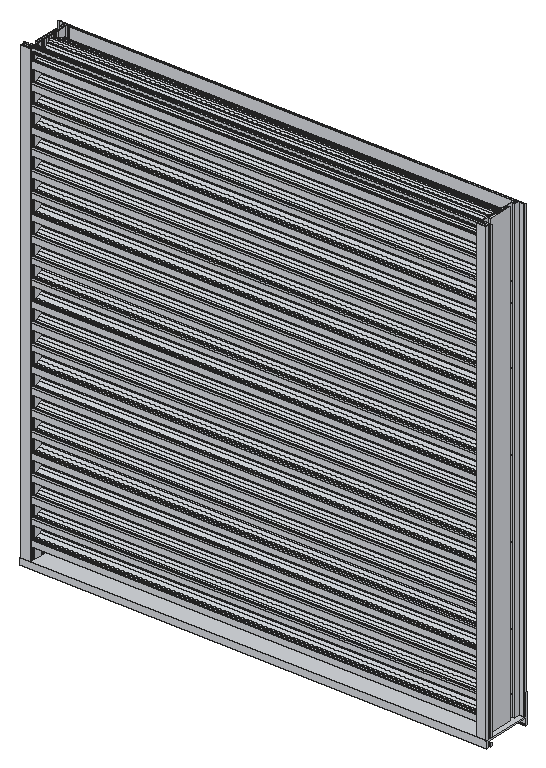
Revit family "DCSED-5.1", category Mechanical Equipment, Revit 2015
Parameters
  URL = "http://unitedenertech.com/catalog/pdf/A_23%20DCSED-5.1.pdf"
  Type Comments = "Max. Single Section Size is (72\"w x 120\"h up to 60psf) and (72\"w x 84\"h up to 150 psf)"
  Model = "DCSED-5.1"
  Manufacturer = "United Enertech Corporation"
  Exact Width = 4' - 0"
  Exact Height = 4' - 0"
  Description = "5\" Deep Wind Driven Rain Hurricane Louver"
  Depth = 0' - 5 3/32"
  Blade Spacing = 0' - 2"
  Blade Number [instance] = rounddown((Exact Height - 0' 2 7/16") / 0' 2")  # 22
  BW [instance] = Exact Width - 0' 2 1/8"  # 3' - 9 7/8"
Reference planes (in)
  plane 1 "Center (Front/Back)": y = 0
  plane 2: z = 0
  plane 3 "Center (Left/Right)": x = 0
  plane 4: x = -24
  plane 5: x = 24
  plane 6: z = 48
  plane 7: x = -22.9375
  plane 8: x = 22.9375
  plane 9: z = 0.75
  plane 10: y = 5.09375
  plane 11: z = 46.3209
Forms (in)
  Extrusion 1, solid
    sketch origin (-6.10759, 42.81218, 0) x (0, 1, 0) y (-1, 0, 0)
      loop
        line (-42.73018, 16.79991) -> (-42.73018, 17.54241) -> (-42.48018, 17.54241) -> (-42.48018, 16.82996) -> (-42.41736, 16.82996) -> (-42.41736, 17.15416) -> (-42.24218, 17.15416) -> (-42.24218, 16.82991) -> (-41.47643, 16.82991) -> (-41.47643, 17.15405) -> (-41.32043, 17.15405) -> (-41.32043, 16.82976) -> (-41.25793, 16.82976) -> (-41.25793, 17.15405) -> (-41.10193, 17.15405) -> (-41.10193, 16.82976) -> (-41.03943, 16.82976) -> (-41.03943, 17.15405) -> (-40.88343, 17.15405) -> (-40.88343, 16.82976) -> (-40.82093, 16.82976) -> (-40.82093, 17.15405) -> (-40.66493, 17.15405) -> (-40.66493, 16.82976) -> (-40.60243, 16.82976) -> (-40.60243, 17.15405) -> (-40.44643, 17.15405) -> (-40.44643, 16.82976) -> (-40.38393, 16.82976) -> (-40.38393, 17.15405) -> (-40.22793, 17.15405) -> (-40.22793, 16.82976) -> (-40.16543, 16.82976) -> (-40.16543, 17.15405) -> (-40.00943, 17.15405) -> (-40.00943, 16.82976) -> (-39.94693, 16.82976) -> (-39.94693, 17.15405) -> (-39.79093, 17.15405) -> (-39.79093, 16.82976) -> (-39.72843, 16.82976) -> (-39.72843, 17.15405) -> (-39.57243, 17.15405) -> (-39.57243, 16.82976) -> (-39.50993, 16.82976) -> (-39.50993, 17.15405) -> (-39.35393, 17.15405) -> (-39.35393, 16.82976) -> (-39.29143, 16.82976) -> (-39.29143, 17.15405) -> (-39.13543, 17.15405) -> (-39.13543, 16.82991) -> (-38.36968, 16.82991) -> (-38.36968, 17.15416) -> (-38.19449, 17.15416) -> (-38.19449, 16.82996) -> (-38.13168, 16.82996) -> (-38.13168, 17.15416) -> (-37.88918, 17.15416) -> (-37.88918, 16.79991) -> (-37.80718, 16.79991) -> (-37.80718, 17.89241) -> (-37.99468, 17.89241) -> (-37.99468, 17.81041) -> (-37.88918, 17.81041) -> (-37.88918, 17.23616) -> (-38.45168, 17.23616) -> (-38.45168, 16.9118) -> (-39.05343, 16.9118) -> (-39.05343, 17.23605) -> (-41.55843, 17.23605) -> (-41.55843, 16.91191) -> (-42.16018, 16.91191) -> (-42.16018, 17.23616) -> (-42.39818, 17.23616) -> (-42.39818, 17.54241) -> (-42.23018, 17.54241) -> (-42.23018, 17.86241) -> (-42.31218, 17.86241) -> (-42.31218, 17.79341) -> (-42.37318, 17.79341) -> (-42.37318, 17.71241) -> (-42.31218, 17.71241) -> (-42.31218, 17.62441) -> (-42.70918, 17.62441) -> (-42.70918, 17.71241) -> (-42.59618, 17.71241) -> (-42.59618, 17.79341) -> (-42.81218, 17.79341) -> (-42.81218, 16.79991) -> (-42.73018, 16.79991)
    from 0.75 to 48
  Extrusion 2, solid
    sketch origin (6.10759, 42.81218, 0) x (0, 1, 0) y (-1, 0, 0)
      loop
        line (-42.73018, -16.79991) -> (-42.81218, -16.79991) -> (-42.81218, -17.79341) -> (-42.59618, -17.79341) -> (-42.59618, -17.71241) -> (-42.70918, -17.71241) -> (-42.70918, -17.62441) -> (-42.31218, -17.62441) -> (-42.31218, -17.71241) -> (-42.37318, -17.71241) -> (-42.37318, -17.79341) -> (-42.31218, -17.79341) -> (-42.31218, -17.86241) -> (-42.23018, -17.86241) -> (-42.23018, -17.54241) -> (-42.39818, -17.54241) -> (-42.39818, -17.23616) -> (-42.16018, -17.23616) -> (-42.16018, -16.91191) -> (-41.55843, -16.91191) -> (-41.55843, -17.23605) -> (-39.05343, -17.23605) -> (-39.05343, -16.9118) -> (-38.45168, -16.9118) -> (-38.45168, -17.23616) -> (-37.88918, -17.23616) -> (-37.88918, -17.81041) -> (-37.99468, -17.81041) -> (-37.99468, -17.89241) -> (-37.80718, -17.89241) -> (-37.80718, -16.79991) -> (-37.88918, -16.79991) -> (-37.88918, -17.15416) -> (-38.13168, -17.15416) -> (-38.13168, -16.82996) -> (-38.19449, -16.82996) -> (-38.19449, -17.15416) -> (-38.36968, -17.15416) -> (-38.36968, -16.82991) -> (-39.13543, -16.82991) -> (-39.13543, -17.15405) -> (-39.29143, -17.15405) -> (-39.29143, -16.82976) -> (-39.35393, -16.82976) -> (-39.35393, -17.15405) -> (-39.50993, -17.15405) -> (-39.50993, -16.82976) -> (-39.57243, -16.82976) -> (-39.57243, -17.15405) -> (-39.72843, -17.15405) -> (-39.72843, -16.82976) -> (-39.79093, -16.82976) -> (-39.79093, -17.15405) -> (-39.94693, -17.15405) -> (-39.94693, -16.82976) -> (-40.00943, -16.82976) -> (-40.00943, -17.15405) -> (-40.16543, -17.15405) -> (-40.16543, -16.82976) -> (-40.22793, -16.82976) -> (-40.22793, -17.15405) -> (-40.38393, -17.15405) -> (-40.38393, -16.82976) -> (-40.44643, -16.82976) -> (-40.44643, -17.15405) -> (-40.60243, -17.15405) -> (-40.60243, -16.82976) -> (-40.66493, -16.82976) -> (-40.66493, -17.15405) -> (-40.82093, -17.15405) -> (-40.82093, -16.82976) -> (-40.88343, -16.82976) -> (-40.88343, -17.15405) -> (-41.03943, -17.15405) -> (-41.03943, -16.82976) -> (-41.10193, -16.82976) -> (-41.10193, -17.15405) -> (-41.25793, -17.15405) -> (-41.25793, -16.82976) -> (-41.32043, -16.82976) -> (-41.32043, -17.15405) -> (-41.47643, -17.15405) -> (-41.47643, -16.82991) -> (-42.24218, -16.82991) -> (-42.24218, -17.15416) -> (-42.41736, -17.15416) -> (-42.41736, -16.82996) -> (-42.48018, -16.82996) -> (-42.48018, -17.54241) -> (-42.73018, -17.54241) -> (-42.73018, -16.79991)
    from 0.75 to 48
  Extrusion 3, solid
    sketch origin (-26.58389, 42.58326, -5.10848) x (0, 1, 0) y (0, 0, 1)
      loop
        line (-37.48951, 8.10848) -> (-37.57151, 8.10848) -> (-37.57151, 5.85848) -> (-42.58326, 5.85848) -> (-42.58326, 5.17748) -> (-42.36726, 5.17748) -> (-42.36726, 5.25848) -> (-42.48026, 5.25848) -> (-42.48026, 5.34648) -> (-42.08326, 5.34648) -> (-42.08326, 5.25848) -> (-42.14426, 5.25848) -> (-42.14426, 5.17748) -> (-42.08326, 5.17748) -> (-42.08326, 5.10848) -> (-42.00126, 5.10848) -> (-42.00126, 5.42848) -> (-42.50126, 5.42848) -> (-42.50126, 5.77648) -> (-37.57151, 5.77648) -> (-37.57151, 5.19048) -> (-37.67701, 5.19048) -> (-37.67701, 5.10848) -> (-37.48951, 5.10848) -> (-37.48951, 8.10848)
    from 2.58389 to 50.58389
  Extrusion 4, solid
    sketch origin (0, -13.03373, 11.15188) x (0, 1, 0) y (0, 0, 1)
      loop
        line (18.04373, 36.84812) -> (17.85623, 36.84812) -> (17.85623, 36.76612) -> (17.96173, 36.76612) -> (17.96173, 35.47325) -> (17.77373, 35.47325) -> (17.28829, 35.75352) -> (17.32598, 35.84449) -> (17.31816, 35.93867) -> (17.26214, 36.00955) -> (17.19338, 36.03718) -> (17.09685, 36.02726) -> (16.90034, 36.18916) -> (16.41745, 36.34694) -> (16.33346, 36.42566) -> (16.21476, 36.52271) -> (16.07706, 36.59693) -> (15.95515, 36.63717) -> (15.83232, 36.65736) -> (15.72266, 36.65736) -> (15.60371, 36.64471) -> (15.4419, 36.59444) -> (15.26243, 36.48818) -> (15.15395, 36.38606) -> (15.03667, 36.25948) -> (14.84451, 36.09187) -> (14.62609, 35.94632) -> (14.56692, 35.92725) -> (14.53085, 35.93806) -> (14.45628, 35.98636) -> (14.31943, 36.05146) -> (14.18483, 36.09021) -> (14.04052, 36.10764) -> (13.86091, 36.10909) -> (13.69791, 36.14893) -> (13.52458, 36.24785) -> (13.39263, 36.38824) -> (13.31585, 36.52721) -> (13.80323, 36.52721) -> (13.80323, 36.84812) -> (13.72123, 36.84812) -> (13.72123, 36.77912) -> (13.66023, 36.77912) -> (13.66023, 36.69812) -> (13.72123, 36.69812) -> (13.72123, 36.61012) -> (13.32423, 36.61012) -> (13.32423, 36.69812) -> (13.43723, 36.69812) -> (13.43723, 36.77912) -> (13.22123, 36.77912) -> (13.22274, 36.55749) -> (13.26662, 36.44391) -> (13.35293, 36.30588) -> (13.47394, 36.18487) -> (13.62086, 36.09374) -> (13.79539, 36.03718) -> (13.95094, 36.02408) -> (14.12475, 36.01858) -> (14.30814, 35.96896) -> (14.43077, 35.90522) -> (14.4574, 35.8591) -> (14.24043, 35.77558) -> (14.05378, 35.70179) -> (13.85981, 35.60044) -> (13.67722, 35.47787) -> (13.51638, 35.34274) -> (13.36799, 35.18846) -> (13.30323, 35.11064) -> (13.30323, 35.64958) -> (13.32536, 35.68828) -> (13.35306, 35.71598) -> (13.30144, 35.7676) -> (13.25438, 35.73327) -> (13.22445, 35.68945) -> (13.22123, 35.57979) -> (13.22123, 34.86262) -> (13.42117, 35.12451) -> (13.59406, 35.2974) -> (13.77486, 35.44764) -> (13.92166, 35.54165) -> (14.0716, 35.61913) -> (14.24521, 35.69049) -> (14.60078, 35.83874) -> (14.85128, 35.99466) -> (15.07703, 36.18422) -> (15.29772, 36.41136) -> (15.51284, 36.53438) -> (15.68029, 36.57374) -> (15.82472, 36.57374) -> (16.0149, 36.53332) -> (16.1814, 36.44617) -> (16.30258, 36.33942) -> (16.36963, 36.27237) -> (16.85685, 36.11691) -> (17.10123, 35.91624) -> (17.15415, 35.95536) -> (17.2276, 35.93124) -> (17.24552, 35.86049) -> (17.21227, 35.81355) -> (17.16249, 35.78481) -> (17.19159, 35.71467) -> (17.75249, 35.39083) -> (17.96173, 35.39083) -> (17.96173, 35.069) -> (17.61878, 35.1609) -> (17.59731, 35.08077) -> (18.04373, 34.96115) -> (18.04373, 36.84812)
    from -22.9375 to 22.9375
Dimensions and locks (in)
  equal spacing: plane 4, plane 3 "Center (Left/Right)", plane 5
  "Exact Width": plane 4 to plane 5
  "Exact Height": plane 6 to level
  locked: plane 4 to plane 7 at 1.0625
  locked: plane 8 to plane 5 at 1.0625
  locked: plane 9 to level at 0.75
  "Depth": plane 1 "Center (Front/Back)" to plane 10
  locked: plane 6 to plane 11 at 1.6791
  equal spacing: group 1, group 2, group 3, group 4, group 5, group 6, group 7, group 8, group 9, group 10, group 11, group 12, group 13, group 14, group 15, group 16, group 17, group 18, group 19, group 20, group 21, group 22  (x2)
  equal spacing: group 22, group 21, group 20, group 19, group 18, group 17, group 16, group 15, group 14, group 13, group 12, group 11, group 10, group 9, group 8, group 7, group 6, group 5, group 4, group 3, group 2, group 1
  "Blade Spacing": nested 1 to nested 2
  aligned and locked: level to plane 2
  aligned and locked: Extrusion 1 to plane 9
  aligned and locked: Extrusion 2 to plane 9
  aligned and locked: plane 5 to Extrusion 3
  aligned and locked: plane 4 to Extrusion 3
  aligned and locked: plane 6 to Extrusion 4
  aligned and locked: Extrusion 4 to plane 7
  aligned and locked: plane 8 to Extrusion 4
  aligned and locked: plane 6 to Extrusion 1
  aligned and locked: plane 6 to Extrusion 2
  aligned and locked: plane 3 "Center (Left/Right)" to nested 1
  aligned and locked: plane 11 to nested 1
  aligned and locked: nested 2 to nested 1
Automatic sketch dimensions
  plane 1 "Center (Front/Back)" to Extrusion 1 sketch curve = 0' - 0"
  Extrusion 1 sketch curve to plane 4 = 0' - 0"
  Extrusion 1 sketch curve to plane 1 "Center (Front/Back)" = 0' - 0.082"
  Extrusion 1 sketch curve to Extrusion 1 sketch curve = 0' - 0.021"
  Extrusion 1 sketch curve to Extrusion 1 sketch curve = 0' - 0.113"
  Extrusion 1 sketch curve to Extrusion 1 sketch curve = 0' - 0.116"
  Extrusion 1 sketch curve to Extrusion 1 sketch curve = 0' - 0.06281"  (x2)
  Extrusion 1 sketch curve to Extrusion 1 sketch curve = 0' - 0.082"  (x14)
  Extrusion 1 sketch curve to plane 4 = 0' - 0.099"  (x2)
  Extrusion 1 sketch curve to Extrusion 1 sketch curve = 0' - 0.223"
  Extrusion 1 sketch curve to plane 4 = 0' - 0.03"
  Extrusion 1 sketch curve to Extrusion 1 sketch curve = 0' - 0.061"  (x2)
  Extrusion 1 sketch curve to Extrusion 1 sketch curve = 0' - 0.17519"  (x2)
  Extrusion 1 sketch curve to Extrusion 1 sketch curve = 0' - 0.60175"  (x2)
  Extrusion 1 sketch curve to Extrusion 1 sketch curve = 0' - 0.156"  (x11)
  Extrusion 1 sketch curve to Extrusion 1 sketch curve = 0' - 0 1/16"  (x10)
  Extrusion 1 sketch curve to plane 4 = 0' - 0.082"
  Extrusion 1 sketch curve to Extrusion 1 sketch curve = 0' - 0.137"
  Extrusion 1 sketch curve to Extrusion 1 sketch curve = 0' - 0.2425"
  Extrusion 1 sketch curve to Extrusion 1 sketch curve = 0' - 0"  (x19)
  Extrusion 1 sketch curve to Extrusion 1 sketch curve = 0' - 0.081"  (x2)
  Extrusion 1 sketch curve to Extrusion 1 sketch curve = 0' - 0.088"
  Extrusion 1 sketch curve to Extrusion 1 sketch curve = 0' - 0.30625"
  Extrusion 1 sketch curve to plane 4 = 0' - 0 21/32"
  Extrusion 1 sketch curve to Extrusion 1 sketch curve = 0' - 0.00012"
  Extrusion 1 sketch curve to Extrusion 1 sketch curve = 0' - 0.24225"
  Extrusion 1 sketch curve to Extrusion 1 sketch curve = 0' - 0.24237"
  Extrusion 1 sketch curve to Extrusion 1 sketch curve = 0' - 0 83/256"
  Extrusion 1 sketch curve to Extrusion 1 sketch curve = 0' - 0.08195"
  Extrusion 1 sketch curve to Extrusion 1 sketch curve = 0' - 0.08188"
  Extrusion 1 sketch curve to Extrusion 1 sketch curve = 0' - 0.32429"
  Extrusion 1 sketch curve to Extrusion 1 sketch curve = 0' - 0.00016"
  Extrusion 1 sketch curve to Extrusion 1 sketch curve = 0' - 0.03005"  (x2)
  plane 1 "Center (Front/Back)" to Extrusion 2 sketch curve = 0' - 0"
  Extrusion 2 sketch curve to plane 5 = 0' - 0"
  plane 1 "Center (Front/Back)" to Extrusion 2 sketch curve = 0' - 0.082"
  Extrusion 2 sketch curve to Extrusion 2 sketch curve = 0' - 0.021"
  Extrusion 2 sketch curve to Extrusion 2 sketch curve = 0' - 0.113"
  Extrusion 2 sketch curve to Extrusion 2 sketch curve = 0' - 0.116"
  Extrusion 2 sketch curve to Extrusion 2 sketch curve = 0' - 0.06281"  (x2)
  Extrusion 2 sketch curve to Extrusion 2 sketch curve = 0' - 0.082"  (x14)
  plane 5 to Extrusion 2 sketch curve = 0' - 0.099"  (x2)
  Extrusion 2 sketch curve to Extrusion 2 sketch curve = 0' - 0.223"
  plane 5 to Extrusion 2 sketch curve = 0' - 0.03"
  Extrusion 2 sketch curve to Extrusion 2 sketch curve = 0' - 0.061"  (x2)
  Extrusion 2 sketch curve to Extrusion 2 sketch curve = 0' - 0.17519"  (x2)
  Extrusion 2 sketch curve to Extrusion 2 sketch curve = 0' - 0.60175"  (x2)
  Extrusion 2 sketch curve to Extrusion 2 sketch curve = 0' - 0.156"  (x11)
  Extrusion 2 sketch curve to Extrusion 2 sketch curve = 0' - 0 1/16"  (x10)
  plane 5 to Extrusion 2 sketch curve = 0' - 0.082"
  Extrusion 2 sketch curve to Extrusion 2 sketch curve = 0' - 0.137"
  Extrusion 2 sketch curve to Extrusion 2 sketch curve = 0' - 0.2425"
  Extrusion 2 sketch curve to Extrusion 2 sketch curve = 0' - 0"  (x19)
  Extrusion 2 sketch curve to Extrusion 2 sketch curve = 0' - 0.081"  (x2)
  Extrusion 2 sketch curve to Extrusion 2 sketch curve = 0' - 0.088"
  Extrusion 2 sketch curve to Extrusion 2 sketch curve = 0' - 0.30625"
  plane 5 to Extrusion 2 sketch curve = 0' - 0 21/32"
  Extrusion 2 sketch curve to Extrusion 2 sketch curve = 0' - 0.00012"
  Extrusion 2 sketch curve to Extrusion 2 sketch curve = 0' - 0.24225"
  Extrusion 2 sketch curve to Extrusion 2 sketch curve = 0' - 0.24237"
  Extrusion 2 sketch curve to Extrusion 2 sketch curve = 0' - 0 83/256"
  Extrusion 2 sketch curve to Extrusion 2 sketch curve = 0' - 0.08195"
  Extrusion 2 sketch curve to Extrusion 2 sketch curve = 0' - 0.08188"
  Extrusion 2 sketch curve to Extrusion 2 sketch curve = 0' - 0.32429"
  Extrusion 2 sketch curve to Extrusion 2 sketch curve = 0' - 0.00016"
  Extrusion 2 sketch curve to Extrusion 2 sketch curve = 0' - 0.03005"  (x2)
  Extrusion 3 sketch curve to plane 1 "Center (Front/Back)" = 0' - 0"
  Extrusion 3 sketch curve to Extrusion 3 sketch curve = 0' - 0.082"  (x6)
  Extrusion 3 sketch curve to Extrusion 3 sketch curve = 0' - 0.021"
  Extrusion 3 sketch curve to Extrusion 3 sketch curve = 0' - 0.113"
  Extrusion 3 sketch curve to Extrusion 3 sketch curve = 0' - 0.223"
  Extrusion 3 sketch curve to Extrusion 3 sketch curve = 0' - 0.061"  (x2)
  Extrusion 3 sketch curve to Extrusion 3 sketch curve = 0' - 4.32425"
  Extrusion 3 sketch curve to Extrusion 3 sketch curve = 0' - 0.1055"
  Extrusion 3 sketch curve to Extrusion 3 sketch curve = 0' - 0"  (x2)
  level to Extrusion 3 sketch curve = 0' - 0"  (x2)
  Extrusion 3 sketch curve to Extrusion 3 sketch curve = 0' - 0.069"
  Extrusion 3 sketch curve to Extrusion 3 sketch curve = 0' - 0.081"  (x2)
  Extrusion 3 sketch curve to Extrusion 3 sketch curve = 0' - 0.088"
  Extrusion 3 sketch curve to Extrusion 3 sketch curve = 0' - 0.586"
  Extrusion 3 sketch curve to Extrusion 3 sketch curve = 0' - 2 1/4"
  Extrusion 4 sketch curve to plane 1 "Center (Front/Back)" = 0' - 0 3/16"
  Extrusion 4 sketch curve to Extrusion 4 sketch curve = 0' - 0"  (x2)
  Extrusion 4 sketch curve to Extrusion 4 sketch curve = 0' - 0.00151"
  Extrusion 4 sketch curve to Extrusion 4 sketch curve = 0' - 0.00322"
  Extrusion 4 sketch curve to Extrusion 4 sketch curve = 0' - 0.02993"
  Extrusion 4 sketch curve to Extrusion 4 sketch curve = 0' - 0.04388"
  Extrusion 4 sketch curve to Extrusion 4 sketch curve = 0' - 0.04706"
  Extrusion 4 sketch curve to Extrusion 4 sketch curve = 0' - 0.07878"
  Extrusion 4 sketch curve to Extrusion 4 sketch curve = 0' - 0.04923"
  Extrusion 4 sketch curve to Extrusion 4 sketch curve = 0' - 0.00838"
  Extrusion 4 sketch curve to Extrusion 4 sketch curve = 0' - 0.02213"
  Extrusion 4 sketch curve to Extrusion 4 sketch curve = 0' - 0.0277"  (x2)
  Extrusion 4 sketch curve to Extrusion 4 sketch curve = 0' - 0.06476"
  Extrusion 4 sketch curve to Extrusion 4 sketch curve = 0' - 0.12601"
  Extrusion 4 sketch curve to Extrusion 4 sketch curve = 0' - 0.05318"
  Extrusion 4 sketch curve to Extrusion 4 sketch curve = 0' - 0.113"
  Extrusion 4 sketch curve to Extrusion 4 sketch curve = 0' - 0.14839"
  Extrusion 4 sketch curve to Extrusion 4 sketch curve = 0' - 0.13195"
  Extrusion 4 sketch curve to Extrusion 4 sketch curve = 0' - 0.07768"
  Extrusion 4 sketch curve to Extrusion 4 sketch curve = 0' - 0.09628"
  Extrusion 4 sketch curve to Extrusion 4 sketch curve = 0' - 0.223"
  Extrusion 4 sketch curve to Extrusion 4 sketch curve = 0' - 0.08317"
  Extrusion 4 sketch curve to Extrusion 4 sketch curve = 0' - 0.07705"
  Extrusion 4 sketch curve to Extrusion 4 sketch curve = 0' - 0.061"  (x2)
  Extrusion 4 sketch curve to Extrusion 4 sketch curve = 0' - 0 25/256"
  Extrusion 4 sketch curve to Extrusion 4 sketch curve = 0' - 0.09748"
  Extrusion 4 sketch curve to Extrusion 4 sketch curve = 0' - 0.082"  (x3)
  Extrusion 4 sketch curve to Extrusion 4 sketch curve = 0' - 0.08495"
  Extrusion 4 sketch curve to Extrusion 4 sketch curve = 0' - 0.06552"
  Extrusion 4 sketch curve to Extrusion 4 sketch curve = 0' - 0.06185"
  Extrusion 4 sketch curve to Extrusion 4 sketch curve = 0' - 0.09003"
  Extrusion 4 sketch curve to Extrusion 4 sketch curve = 0' - 0.08959"
  Extrusion 4 sketch curve to Extrusion 4 sketch curve = 0' - 0.13212"
  Extrusion 4 sketch curve to Extrusion 4 sketch curve = 0' - 0.01782"
  Extrusion 4 sketch curve to Extrusion 4 sketch curve = 0' - 0.08423"
  Extrusion 4 sketch curve to Extrusion 4 sketch curve = 0' - 0.06008"
  Extrusion 4 sketch curve to Extrusion 4 sketch curve = 0' - 0.18665"
  Extrusion 4 sketch curve to Extrusion 4 sketch curve = 0' - 0.00478"
  Extrusion 4 sketch curve to Extrusion 4 sketch curve = 0' - 0.12331"
  Extrusion 4 sketch curve to Extrusion 4 sketch curve = 0' - 0.01129"
  Extrusion 4 sketch curve to Extrusion 4 sketch curve = 0' - 0.12263"
  Extrusion 4 sketch curve to Extrusion 4 sketch curve = 0' - 0.02551"
  Extrusion 4 sketch curve to Extrusion 4 sketch curve = 0' - 0.02663"
  Extrusion 4 sketch curve to Extrusion 4 sketch curve = 0' - 0.07456"
  Extrusion 4 sketch curve to Extrusion 4 sketch curve = 0' - 0.03607"
  Extrusion 4 sketch curve to Extrusion 4 sketch curve = 0' - 0.03386"
  Extrusion 4 sketch curve to Extrusion 4 sketch curve = 0' - 0.05917"
  Extrusion 4 sketch curve to Extrusion 4 sketch curve = 0' - 0.21842"
  Extrusion 4 sketch curve to Extrusion 4 sketch curve = 0' - 0.00678"
  Extrusion 4 sketch curve to Extrusion 4 sketch curve = 0' - 0.19216"
  Extrusion 4 sketch curve to Extrusion 4 sketch curve = 0' - 0.04036"
  Extrusion 4 sketch curve to Extrusion 4 sketch curve = 0' - 0.11728"
  Extrusion 4 sketch curve to Extrusion 4 sketch curve = 0' - 0.10848"
  Extrusion 4 sketch curve to Extrusion 4 sketch curve = 0' - 0.03529"
  Extrusion 4 sketch curve to Extrusion 4 sketch curve = 0' - 0.17947"
  Extrusion 4 sketch curve to Extrusion 4 sketch curve = 0' - 0.07094"
  Extrusion 4 sketch curve to Extrusion 4 sketch curve = 0' - 0.09086"
  Extrusion 4 sketch curve to Extrusion 4 sketch curve = 0' - 0.07658"
  Extrusion 4 sketch curve to Extrusion 4 sketch curve = 0' - 0.04238"
  Extrusion 4 sketch curve to Extrusion 4 sketch curve = 0' - 0.10206"
  Extrusion 4 sketch curve to Extrusion 4 sketch curve = 0' - 0.0076"
  Extrusion 4 sketch curve to Extrusion 4 sketch curve = 0' - 0.12283"
  Extrusion 4 sketch curve to Extrusion 4 sketch curve = 0' - 0.05975"
  Extrusion 4 sketch curve to Extrusion 4 sketch curve = 0' - 0.06216"
  Extrusion 4 sketch curve to Extrusion 4 sketch curve = 0' - 0.10434"
  Extrusion 4 sketch curve to Extrusion 4 sketch curve = 0' - 0.03336"
  Extrusion 4 sketch curve to Extrusion 4 sketch curve = 0' - 0.12118"
  Extrusion 4 sketch curve to Extrusion 4 sketch curve = 0' - 0.03088"
  Extrusion 4 sketch curve to Extrusion 4 sketch curve = 0' - 0.06705"  (x2)
  Extrusion 4 sketch curve to Extrusion 4 sketch curve = 0' - 0.04783"
  Extrusion 4 sketch curve to Extrusion 4 sketch curve = 0' - 0.4394"
  Extrusion 4 sketch curve to Extrusion 4 sketch curve = 0' - 0.04349"
  Extrusion 4 sketch curve to Extrusion 4 sketch curve = 0' - 0.19651"
  Extrusion 4 sketch curve to Extrusion 4 sketch curve = 0' - 0.00438"
  Extrusion 4 sketch curve to Extrusion 4 sketch curve = 0' - 0.05292"
  Extrusion 4 sketch curve to Extrusion 4 sketch curve = 0' - 0.06126"
  Extrusion 4 sketch curve to Extrusion 4 sketch curve = 0' - 0.0291"
  Extrusion 4 sketch curve to Extrusion 4 sketch curve = 0' - 0.03923"
  Extrusion 4 sketch curve to Extrusion 4 sketch curve = 0' - 0.04978"
  Extrusion 4 sketch curve to Extrusion 4 sketch curve = 0' - 0.07344"
  Extrusion 4 sketch curve to Extrusion 4 sketch curve = 0' - 0.03325"
  Extrusion 4 sketch curve to Extrusion 4 sketch curve = 0' - 0.06875"
  Extrusion 4 sketch curve to Extrusion 4 sketch curve = 0' - 0.07603"
  Extrusion 4 sketch curve to Extrusion 4 sketch curve = 0' - 0.05603"
  Extrusion 4 sketch curve to Extrusion 4 sketch curve = 0' - 0.08046"
  Extrusion 4 sketch curve to Extrusion 4 sketch curve = 0' - 0.30901"
  Extrusion 4 sketch curve to plane 6 = 0' - 1.68722"
  Extrusion 4 sketch curve to Extrusion 4 sketch curve = 0' - 0.02147"
  Extrusion 4 sketch curve to Extrusion 4 sketch curve = 0' - 0.13371"
  Extrusion 4 sketch curve to Extrusion 4 sketch curve = 0' - 0.02124"
  Extrusion 4 sketch curve to Extrusion 4 sketch curve = 0' - 0.59409"
  Extrusion 4 sketch curve to Extrusion 4 sketch curve = 0' - 0.188"
  Extrusion 4 sketch curve to Extrusion 4 sketch curve = 0' - 0.03639"
  Extrusion 4 sketch curve to Extrusion 4 sketch curve = 0' - 0.01387"
  Extrusion 4 sketch curve to Extrusion 4 sketch curve = 0' - 0.08013"
  Extrusion 4 sketch curve to Extrusion 4 sketch curve = 0' - 0.24802"
  Extrusion 4 sketch curve to Extrusion 4 sketch curve = 0' - 0.06395"
  Extrusion 4 sketch curve to Extrusion 4 sketch curve = 0' - 0.17289"
  Extrusion 4 sketch curve to Extrusion 4 sketch curve = 0' - 0.04534"
  Extrusion 4 sketch curve to Extrusion 4 sketch curve = 0' - 0.32183"
  Extrusion 4 sketch curve to Extrusion 4 sketch curve = 0' - 0.15024"
  Extrusion 4 sketch curve to Extrusion 4 sketch curve = 0' - 0.08242"
  Extrusion 4 sketch curve to Extrusion 4 sketch curve = 0' - 0.03023"
  Extrusion 4 sketch curve to Extrusion 4 sketch curve = 0' - 0.09401"
  Extrusion 4 sketch curve to Extrusion 4 sketch curve = 0' - 0.23705"
  Extrusion 4 sketch curve to Extrusion 4 sketch curve = 0' - 0.05879"
  Extrusion 4 sketch curve to Extrusion 4 sketch curve = 0' - 0.07748"
  Extrusion 4 sketch curve to Extrusion 4 sketch curve = 0' - 0.06979"
  Extrusion 4 sketch curve to Extrusion 4 sketch curve = 0' - 0.0387"
  Extrusion 4 sketch curve to Extrusion 4 sketch curve = 0' - 0.03986"
  Extrusion 4 sketch curve to Extrusion 4 sketch curve = 0' - 0.07136"
  Extrusion 4 sketch curve to Extrusion 4 sketch curve = 0' - 0.08266"
  Extrusion 4 sketch curve to Extrusion 4 sketch curve = 0' - 0.24142"
  Extrusion 4 sketch curve to Extrusion 4 sketch curve = 0' - 0.04382"
  Extrusion 4 sketch curve to Extrusion 4 sketch curve = 0' - 0.03885"
  Extrusion 4 sketch curve to Extrusion 4 sketch curve = 0' - 0.08509"
  Extrusion 4 sketch curve to Extrusion 4 sketch curve = 0' - 0.07014"
  Extrusion 4 sketch curve to Extrusion 4 sketch curve = 0' - 0.02874"
  Extrusion 4 sketch curve to Extrusion 4 sketch curve = 0' - 0.06316"
  Extrusion 4 sketch curve to Extrusion 4 sketch curve = 0' - 0.09097"
  Extrusion 4 sketch curve to Extrusion 4 sketch curve = 0' - 0.02036"
  Extrusion 4 sketch curve to Extrusion 4 sketch curve = 0' - 0.04693"
  Extrusion 4 sketch curve to Extrusion 4 sketch curve = 0' - 0.04612"
  Extrusion 4 sketch curve to Extrusion 4 sketch curve = 0' - 0.13143"
  Extrusion 4 sketch curve to Extrusion 4 sketch curve = 0' - 0.08851"
  Extrusion 4 sketch curve to Extrusion 4 sketch curve = 0' - 0.07075"
  Extrusion 4 sketch curve to Extrusion 4 sketch curve = 0' - 0.01081"
  Extrusion 4 sketch curve to Extrusion 4 sketch curve = 0' - 0.00743"
  Extrusion 4 sketch curve to Extrusion 4 sketch curve = 0' - 0.01908"
  Extrusion 4 sketch curve to Extrusion 4 sketch curve = 0' - 0.03912"
  Extrusion 4 sketch curve to Extrusion 4 sketch curve = 0' - 0.06374"
  Extrusion 4 sketch curve to Extrusion 4 sketch curve = 0' - 0.08114"
  Extrusion 4 sketch curve to Extrusion 4 sketch curve = 0' - 0.04833"
  Extrusion 4 sketch curve to Extrusion 4 sketch curve = 0' - 0.07832"
  Extrusion 4 sketch curve to Extrusion 4 sketch curve = 0' - 0.04962"
  Extrusion 4 sketch curve to Extrusion 4 sketch curve = 0' - 0.0055"
  Extrusion 4 sketch curve to Extrusion 4 sketch curve = 0' - 0.07189"
  Extrusion 4 sketch curve to Extrusion 4 sketch curve = 0' - 0.02762"
  Extrusion 4 sketch curve to Extrusion 4 sketch curve = 0' - 0.0131"
  Extrusion 4 sketch curve to Extrusion 4 sketch curve = 0' - 0.0825"
  Extrusion 4 sketch curve to Extrusion 4 sketch curve = 0' - 0.07164"
  Extrusion 4 sketch curve to Extrusion 4 sketch curve = 0' - 0.09722"
  Extrusion 4 sketch curve to Extrusion 4 sketch curve = 0' - 0.05656"
  Extrusion 4 sketch curve to Extrusion 4 sketch curve = 0' - 0.08356"
  Extrusion 4 sketch curve to Extrusion 4 sketch curve = 0' - 0.0719"
  Extrusion 4 sketch curve to Extrusion 4 sketch curve = 0' - 0.08965"
  Extrusion 4 sketch curve to Extrusion 4 sketch curve = 0' - 0.0552"
  Extrusion 4 sketch curve to Extrusion 4 sketch curve = 0' - 0.09235"
  Extrusion 4 sketch curve to Extrusion 4 sketch curve = 0' - 0.07225"
  Extrusion 4 sketch curve to Extrusion 4 sketch curve = 0' - 0.15411"
  Extrusion 4 sketch curve to Extrusion 4 sketch curve = 0' - 0.07526"
  Extrusion 4 sketch curve to Extrusion 4 sketch curve = 0' - 0.15546"
  Extrusion 4 sketch curve to Extrusion 4 sketch curve = 0' - 0.07457"
  Extrusion 4 sketch curve to Extrusion 4 sketch curve = 0' - 0.12658"
  Extrusion 4 sketch curve to Extrusion 4 sketch curve = 0' - 0.14039"
  Extrusion 4 sketch curve to Extrusion 4 sketch curve = 0' - 0.02529"
  Extrusion 4 sketch curve to Extrusion 4 sketch curve = 0' - 0.08624"
  Extrusion 4 sketch curve to Extrusion 4 sketch curve = 0' - 0.05567"
  Extrusion 4 sketch curve to Extrusion 4 sketch curve = 0' - 0.02051"
  Extrusion 4 sketch curve to Extrusion 4 sketch curve = 0' - 0.07682"
  Extrusion 4 sketch curve to Extrusion 4 sketch curve = 0' - 0.07654"
  Extrusion 4 sketch curve to Extrusion 4 sketch curve = 0' - 0.37827"
  Extrusion 4 sketch curve to Extrusion 4 sketch curve = 0' - 0.08715"
  Extrusion 4 sketch curve to Extrusion 4 sketch curve = 0' - 0.12303"
  Extrusion 4 sketch curve to Extrusion 4 sketch curve = 0' - 0.03028"
  Extrusion 4 sketch curve to Extrusion 4 sketch curve = 0' - 0.04042"
  Extrusion 4 sketch curve to Extrusion 4 sketch curve = 0' - 0.06005"
  Extrusion 4 sketch curve to Extrusion 4 sketch curve = 0' - 0.06361"
  Extrusion 4 sketch curve to Extrusion 4 sketch curve = 0' - 0.08291"
  Extrusion 4 sketch curve to Extrusion 4 sketch curve = 0' - 0.10385"
  Extrusion 4 sketch curve to Extrusion 4 sketch curve = 0' - 0.07097"
  Extrusion 4 sketch curve to Extrusion 4 sketch curve = 0' - 0.08362"
  Extrusion 4 sketch curve to Extrusion 4 sketch curve = 0' - 0.088"  (x2)
  Extrusion 4 sketch curve to Extrusion 4 sketch curve = 0' - 0.75657"
  Extrusion 4 sketch curve to Extrusion 4 sketch curve = 0' - 0.081"  (x2)
  Extrusion 4 sketch curve to Extrusion 4 sketch curve = 0' - 0.069"
  Extrusion 4 sketch curve to Extrusion 4 sketch curve = 0' - 0.0397"
  Extrusion 4 sketch curve to Extrusion 4 sketch curve = 0' - 0.05064"
  Extrusion 4 sketch curve to Extrusion 4 sketch curve = 0' - 0.06298"
  Extrusion 4 sketch curve to Extrusion 4 sketch curve = 0' - 0.08236"
Nested families (in)
  nested 1: "DC BLADE" at (0, 0.27409, 39.18024), type "DC BLADE"
    with Blade Width 3' - 9 7/8"
  nested 2: "DC BLADE" at (0, 0.27409, 37.18024), type "DC BLADE"
    with Blade Width 3' - 9 7/8"
  nested 3: "DC BLADE" at (0, 0.27409, 35.18024), type "DC BLADE"
    with Blade Width 3' - 9 7/8"
  nested 4: "DC BLADE" at (0, 0.27409, 33.18024), type "DC BLADE"
    with Blade Width 3' - 9 7/8"
  nested 5: "DC BLADE" at (0, 0.27409, 31.18024), type "DC BLADE"
    with Blade Width 3' - 9 7/8"
  nested 6: "DC BLADE" at (0, 0.27409, 29.18024), type "DC BLADE"
    with Blade Width 3' - 9 7/8"
  nested 7: "DC BLADE" at (0, 0.27409, 27.18024), type "DC BLADE"
    with Blade Width 3' - 9 7/8"
  nested 8: "DC BLADE" at (0, 0.27409, 25.18024), type "DC BLADE"
    with Blade Width 3' - 9 7/8"
  nested 9: "DC BLADE" at (0, 0.27409, 23.18024), type "DC BLADE"
    with Blade Width 3' - 9 7/8"
  nested 10: "DC BLADE" at (0, 0.27409, 21.18024), type "DC BLADE"
    with Blade Width 3' - 9 7/8"
  nested 11: "DC BLADE" at (0, 0.27409, 19.18024), type "DC BLADE"
    with Blade Width 3' - 9 7/8"
  nested 12: "DC BLADE" at (0, 0.27409, 17.18024), type "DC BLADE"
    with Blade Width 3' - 9 7/8"
  nested 13: "DC BLADE" at (0, 0.27409, 15.18024), type "DC BLADE"
    with Blade Width 3' - 9 7/8"
  nested 14: "DC BLADE" at (0, 0.27409, 13.18024), type "DC BLADE"
    with Blade Width 3' - 9 7/8"
  nested 15: "DC BLADE" at (0, 0.27409, 11.18024), type "DC BLADE"
    with Blade Width 3' - 9 7/8"
  nested 16: "DC BLADE" at (0, 0.27409, 9.18024), type "DC BLADE"
    with Blade Width 3' - 9 7/8"
  nested 17: "DC BLADE" at (0, 0.27409, 7.18024), type "DC BLADE"
    with Blade Width 3' - 9 7/8"
  nested 18: "DC BLADE" at (0, 0.27409, 5.18024), type "DC BLADE"
    with Blade Width 3' - 9 7/8"
  nested 19: "DC BLADE" at (0, 0.27409, 3.18024), type "DC BLADE"
    with Blade Width 3' - 9 7/8"
  nested 20: "DC BLADE" at (0, 0.27409, 1.18024), type "DC BLADE"
    with Blade Width 3' - 9 7/8"
  nested 21: "DC BLADE" at (0, 0.27409, -0.81976), type "DC BLADE"
    with Blade Width 3' - 9 7/8"
  nested 22: "DC BLADE" at (0, 0.27409, -2.81976), type "DC BLADE"
    with Blade Width 3' - 9 7/8"
Definition of nested family "DC BLADE"
  Parameters (values of type "DC BLADE")
    Blade Width = 1' - 0"
  Reference planes (in)
    plane 1 "Center (Front/Back)": y = 0
    plane 2: z = 0
    plane 3 "Center (Left/Right)": x = 0
    plane 4: x = -6
    plane 5: x = 6
  Forms (in)
    Extrusion 1, solid
      sketch origin (-3.11145, -1.95878, 3.60224) x (0, 1, 0) y (0, 0, 1)
        loop
          line (1.87219, 1.87187) -> (1.87219, 1.2571) -> (2.06672, 1.51261) -> (2.18499, 1.6405) -> (2.31306, 1.75604) -> (2.43525, 1.84874) -> (2.57262, 1.93614) -> (2.71602, 2.01111) -> (2.86084, 2.07216) -> (3.1674, 2.18068) -> (3.39621, 2.28558) -> (3.68569, 2.45682) -> (3.93298, 2.63431) -> (4.08397, 2.71024) -> (4.24018, 2.75715) -> (4.38522, 2.77603) -> (4.46413, 2.77603) -> (4.56111, 2.76905) -> (4.68135, 2.74514) -> (4.79695, 2.70625) -> (4.96988, 2.62734) -> (5.33818, 2.50951) -> (5.70649, 2.39168) -> (5.84437, 2.34774) -> (5.89473, 2.29796) -> (5.89134, 2.24038) -> (5.84933, 2.19836) -> (5.81213, 2.17689) -> (5.84254, 2.10916) -> (6.40272, 1.78574) -> (6.61269, 1.78574) -> (6.61269, 1.4625) -> (6.27169, 1.55387) -> (6.25047, 1.47467) -> (6.69469, 1.35564) -> (6.69469, 2.05302) -> (6.68008, 2.11738) -> (6.65333, 2.15607) -> (6.62122, 2.18149) -> (6.53903, 2.2222) -> (6.50255, 2.14855) -> (6.58294, 2.10874) -> (6.61089, 2.06846) -> (6.61269, 2.01503) -> (6.61269, 1.86774) -> (6.42469, 1.86774) -> (5.92694, 2.15512) -> (5.96738, 2.20954) -> (5.98069, 2.27342) -> (5.96862, 2.33439) -> (5.9314, 2.38893) -> (5.8623, 2.43074) -> (5.38931, 2.65461) -> (5.18474, 2.82884) -> (5.03354, 3.00302) -> (4.9484, 3.15114) -> (4.849, 3.32051) -> (4.75855, 3.42333) -> (4.64559, 3.49207) -> (4.54543, 3.52673) -> (4.48103, 3.53842) -> (4.36563, 3.53842) -> (4.22062, 3.50816) -> (4.11167, 3.45399) -> (4.02449, 3.3907) -> (4.06163, 3.32637) -> (4.18646, 3.40508) -> (4.30991, 3.45078) -> (4.3715, 3.4602) -> (4.47693, 3.36623) -> (4.45176, 3.42113) -> (4.46338, 3.45929) -> (4.56233, 3.4381) -> (4.68049, 3.38031) -> (4.77113, 3.29034) -> (4.91362, 3.03234) -> (5.09244, 2.81068) -> (5.23994, 2.67324) -> (5.33809, 2.59458) -> (5.22022, 2.6323) -> (4.99457, 2.70449) -> (4.82295, 2.78312) -> (4.65605, 2.83459) -> (4.51347, 2.85541) -> (4.39666, 2.85541) -> (4.30036, 2.84949) -> (4.19906, 2.83185) -> (4.23185, 2.92148) -> (4.17437, 2.86789) -> (4.11913, 2.80883) -> (4.00568, 2.7649) -> (3.87448, 2.69315) -> (3.63447, 2.51976) -> (3.39896, 2.37832) -> (3.11473, 2.24724) -> (2.75125, 2.11671) -> (2.44263, 1.95256) -> (2.27933, 1.83431) -> (2.11431, 1.68582) -> (2.01481, 1.57814) -> (1.95419, 1.50431) -> (1.95419, 2.01507) -> (1.98008, 2.05754) -> (2.00615, 2.0836) -> (1.95175, 2.13229) -> (1.91264, 2.10606) -> (1.87219, 2.03247) -> (1.87219, 1.87187)
      from -2.88855 to 9.11145
  Dimensions and locks (in)
    equal spacing: plane 4, plane 3 "Center (Left/Right)", plane 5
    "Blade Width": plane 4 to plane 5
    aligned and locked: level to plane 2
    aligned and locked: plane 4 to Extrusion 1
    aligned and locked: plane 5 to Extrusion 1
  Automatic sketch dimensions
    plane 1 "Center (Front/Back)" to Extrusion 1 sketch curve = 0' - 0.08659"
    plane 1 "Center (Front/Back)" to Extrusion 1 sketch curve = 0' - 0.04613"
    plane 1 "Center (Front/Back)" to Extrusion 1 sketch curve = 0' - 0.00703"
    plane 1 "Center (Front/Back)" to Extrusion 1 sketch curve = 0' - 0.00459"
    Extrusion 1 sketch curve to plane 1 "Center (Front/Back)" = 0' - 0.0213"
    Extrusion 1 sketch curve to Extrusion 1 sketch curve = 0' - 0.02607"  (x2)
    Extrusion 1 sketch curve to plane 1 "Center (Front/Back)" = 0' - 0.05603"
    Extrusion 1 sketch curve to Extrusion 1 sketch curve = 0' - 0.05191"
    Extrusion 1 sketch curve to Extrusion 1 sketch curve = 0' - 0.09949"
    Extrusion 1 sketch curve to Extrusion 1 sketch curve = 0' - 0.07069"
    Extrusion 1 sketch curve to Extrusion 1 sketch curve = 0' - 0.09434"
    Extrusion 1 sketch curve to Extrusion 1 sketch curve = 0' - 0.03373"
    Extrusion 1 sketch curve to Extrusion 1 sketch curve = 0' - 0.12219"
    Extrusion 1 sketch curve to Extrusion 1 sketch curve = 0' - 0.00738"
    Extrusion 1 sketch curve to Extrusion 1 sketch curve = 0' - 0.12999"
    Extrusion 1 sketch curve to Extrusion 1 sketch curve = 0' - 0.1434"
    Extrusion 1 sketch curve to Extrusion 1 sketch curve = 0' - 0.03523"
    Extrusion 1 sketch curve to Extrusion 1 sketch curve = 0' - 0.10959"
    Extrusion 1 sketch curve to Extrusion 1 sketch curve = 0' - 0 65/256"
    Extrusion 1 sketch curve to Extrusion 1 sketch curve = 0' - 0.05267"
    Extrusion 1 sketch curve to Extrusion 1 sketch curve = 0' - 0.22882"
    Extrusion 1 sketch curve to Extrusion 1 sketch curve = 0' - 0.00275"
    Extrusion 1 sketch curve to Extrusion 1 sketch curve = 0' - 0.23551"
    Extrusion 1 sketch curve to Extrusion 1 sketch curve = 0' - 0.05122"
    Extrusion 1 sketch curve to Extrusion 1 sketch curve = 0' - 0.24001"
    Extrusion 1 sketch curve to Extrusion 1 sketch curve = 0' - 0.0585"
    Extrusion 1 sketch curve to Extrusion 1 sketch curve = 0' - 0.0727"
    Extrusion 1 sketch curve to Extrusion 1 sketch curve = 0' - 0.0188"
    Extrusion 1 sketch curve to Extrusion 1 sketch curve = 0' - 0.03714"
    Extrusion 1 sketch curve to Extrusion 1 sketch curve = 0' - 0.07829"
    Extrusion 1 sketch curve to Extrusion 1 sketch curve = 0' - 0.08718"
    Extrusion 1 sketch curve to Extrusion 1 sketch curve = 0' - 0 9/256"
    Extrusion 1 sketch curve to Extrusion 1 sketch curve = 0' - 0.05523"
    Extrusion 1 sketch curve to Extrusion 1 sketch curve = 0' - 0.07479"
    Extrusion 1 sketch curve to Extrusion 1 sketch curve = 0' - 0.0247"
    Extrusion 1 sketch curve to Extrusion 1 sketch curve = 0' - 0.03415"
    Extrusion 1 sketch curve to Extrusion 1 sketch curve = 0' - 0.05749"
    Extrusion 1 sketch curve to Extrusion 1 sketch curve = 0' - 0.04111"
    Extrusion 1 sketch curve to Extrusion 1 sketch curve = 0' - 0.0685"
    Extrusion 1 sketch curve to Extrusion 1 sketch curve = 0' - 0.08929"
    Extrusion 1 sketch curve to Extrusion 1 sketch curve = 0' - 0.05572"
    Extrusion 1 sketch curve to Extrusion 1 sketch curve = 0' - 0.0616"
    Extrusion 1 sketch curve to Extrusion 1 sketch curve = 0' - 0.08486"
    Extrusion 1 sketch curve to Extrusion 1 sketch curve = 0' - 0.01145"
    Extrusion 1 sketch curve to Extrusion 1 sketch curve = 0' - 0.08026"
    Extrusion 1 sketch curve to Extrusion 1 sketch curve = 0' - 0.01162"
    Extrusion 1 sketch curve to Extrusion 1 sketch curve = 0' - 0.07891"  (x2)
    Extrusion 1 sketch curve to Extrusion 1 sketch curve = 0' - 0.02517"
    Extrusion 1 sketch curve to Extrusion 1 sketch curve = 0' - 0.01765"
    Extrusion 1 sketch curve to Extrusion 1 sketch curve = 0' - 0.04935"
    Extrusion 1 sketch curve to Extrusion 1 sketch curve = 0' - 0.0644"
    Extrusion 1 sketch curve to Extrusion 1 sketch curve = 0' - 0.09698"
    Extrusion 1 sketch curve to Extrusion 1 sketch curve = 0' - 0.01691"
    Extrusion 1 sketch curve to Extrusion 1 sketch curve = 0' - 0.08326"
    Extrusion 1 sketch curve to Extrusion 1 sketch curve = 0' - 0.09494"
    Extrusion 1 sketch curve to Extrusion 1 sketch curve = 0' - 0.0349"
    Extrusion 1 sketch curve to Extrusion 1 sketch curve = 0' - 0.0253"
    Extrusion 1 sketch curve to Extrusion 1 sketch curve = 0' - 0.07806"
    Extrusion 1 sketch curve to Extrusion 1 sketch curve = 0' - 0.09064"
    Extrusion 1 sketch curve to Extrusion 1 sketch curve = 0' - 0.1156"
    Extrusion 1 sketch curve to Extrusion 1 sketch curve = 0' - 0.026"
    Extrusion 1 sketch curve to Extrusion 1 sketch curve = 0' - 0.07787"
    Extrusion 1 sketch curve to Extrusion 1 sketch curve = 0' - 0.09067"
    Extrusion 1 sketch curve to Extrusion 1 sketch curve = 0' - 0.03478"
    Extrusion 1 sketch curve to Extrusion 1 sketch curve = 0' - 0.17293"
    Extrusion 1 sketch curve to Extrusion 1 sketch curve = 0' - 0.02468"
    Extrusion 1 sketch curve to Extrusion 1 sketch curve = 0' - 0.11992"
    Extrusion 1 sketch curve to Extrusion 1 sketch curve = 0' - 0.09788"
    Extrusion 1 sketch curve to Extrusion 1 sketch curve = 0' - 0.0923"
    Extrusion 1 sketch curve to Extrusion 1 sketch curve = 0' - 0.03547"
    Extrusion 1 sketch curve to Extrusion 1 sketch curve = 0' - 0.01973"
    Extrusion 1 sketch curve to Extrusion 1 sketch curve = 0' - 0.11788"
    Extrusion 1 sketch curve to Extrusion 1 sketch curve = 0' - 0.00009"
    Extrusion 1 sketch curve to Extrusion 1 sketch curve = 0' - 0.05121"
    Extrusion 1 sketch curve to Extrusion 1 sketch curve = 0' - 0.3683"
    Extrusion 1 sketch curve to Extrusion 1 sketch curve = 0' - 0.10565"
    Extrusion 1 sketch curve to Extrusion 1 sketch curve = 0' - 0.03041"
    Extrusion 1 sketch curve to Extrusion 1 sketch curve = 0' - 0.13789"
    Extrusion 1 sketch curve to Extrusion 1 sketch curve = 0' - 0.03719"
    Extrusion 1 sketch curve to Extrusion 1 sketch curve = 0' - 0.01793"
    Extrusion 1 sketch curve to Extrusion 1 sketch curve = 0' - 0.04202"  (x2)
    Extrusion 1 sketch curve to Extrusion 1 sketch curve = 0' - 0.00338"
    Extrusion 1 sketch curve to Extrusion 1 sketch curve = 0' - 0.07761"
    Extrusion 1 sketch curve to Extrusion 1 sketch curve = 0' - 0.0691"
    Extrusion 1 sketch curve to Extrusion 1 sketch curve = 0' - 0.04044"
    Extrusion 1 sketch curve to Extrusion 1 sketch curve = 0' - 0.03722"
    Extrusion 1 sketch curve to Extrusion 1 sketch curve = 0' - 0.01207"
    Extrusion 1 sketch curve to Extrusion 1 sketch curve = 0' - 0.32353"
    Extrusion 1 sketch curve to Extrusion 1 sketch curve = 0' - 0.02122"
    Extrusion 1 sketch curve to Extrusion 1 sketch curve = 0' - 0.13103"
    Extrusion 1 sketch curve to Extrusion 1 sketch curve = 0' - 0.02197"
    Extrusion 1 sketch curve to Extrusion 1 sketch curve = 0' - 0.07786"
    Extrusion 1 sketch curve to Extrusion 1 sketch curve = 0' - 0.03647"
    Extrusion 1 sketch curve to Extrusion 1 sketch curve = 0' - 0.08038"
    Extrusion 1 sketch curve to Extrusion 1 sketch curve = 0' - 0.02795"
    Extrusion 1 sketch curve to Extrusion 1 sketch curve = 0' - 0.0018"
    Extrusion 1 sketch curve to Extrusion 1 sketch curve = 0' - 0.341"
    Extrusion 1 sketch curve to Extrusion 1 sketch curve = 0' - 0.03828"
    Extrusion 1 sketch curve to Extrusion 1 sketch curve = 0' - 0.03211"
    Extrusion 1 sketch curve to Extrusion 1 sketch curve = 0' - 0.02675"
    Extrusion 1 sketch curve to Extrusion 1 sketch curve = 0' - 0.01461"
    level to Extrusion 1 sketch curve = 0' - 4.85934"
    Extrusion 1 sketch curve to Extrusion 1 sketch curve = 0' - 0.09853"
    Extrusion 1 sketch curve to Extrusion 1 sketch curve = 0' - 0.10686"
    Extrusion 1 sketch curve to Extrusion 1 sketch curve = 0' - 0.24721"
    Extrusion 1 sketch curve to Extrusion 1 sketch curve = 0' - 0.0083"
    Extrusion 1 sketch curve to Extrusion 1 sketch curve = 0' - 0.06553"
    Extrusion 1 sketch curve to Extrusion 1 sketch curve = 0' - 0.12789"
    Extrusion 1 sketch curve to Extrusion 1 sketch curve = 0' - 0.04532"
    Extrusion 1 sketch curve to Extrusion 1 sketch curve = 0' - 0.11554"
    Extrusion 1 sketch curve to Extrusion 1 sketch curve = 0' - 0.32324"
    Extrusion 1 sketch curve to Extrusion 1 sketch curve = 0' - 0.07827"
    Extrusion 1 sketch curve to Extrusion 1 sketch curve = 0' - 0.09271"
    Extrusion 1 sketch curve to Extrusion 1 sketch curve = 0' - 0.082"
    Extrusion 1 sketch curve to Extrusion 1 sketch curve = 0' - 0.18604"
    Extrusion 1 sketch curve to Extrusion 1 sketch curve = 0' - 0.08739"
    Extrusion 1 sketch curve to Extrusion 1 sketch curve = 0' - 0.10382"
    Extrusion 1 sketch curve to Extrusion 1 sketch curve = 0' - 0.07497"
    Extrusion 1 sketch curve to Extrusion 1 sketch curve = 0' - 0.14729"
    Extrusion 1 sketch curve to Extrusion 1 sketch curve = 0' - 0.14321"
    Extrusion 1 sketch curve to Extrusion 1 sketch curve = 0' - 0.0174"
    Extrusion 1 sketch curve to Extrusion 1 sketch curve = 0' - 0.03799"
    Extrusion 1 sketch curve to Extrusion 1 sketch curve = 0' - 0.04246"
    Extrusion 1 sketch curve to Extrusion 1 sketch curve = 0' - 0.05344"
    Extrusion 1 sketch curve to Extrusion 1 sketch curve = 0' - 0.06105"
    Extrusion 1 sketch curve to Extrusion 1 sketch curve = 0' - 0.04853"
    Extrusion 1 sketch curve to Extrusion 1 sketch curve = 0' - 0.04028"
    Extrusion 1 sketch curve to Extrusion 1 sketch curve = 0' - 0.24142"
    Extrusion 1 sketch curve to Extrusion 1 sketch curve = 0' - 0.1056"
    Extrusion 1 sketch curve to Extrusion 1 sketch curve = 0' - 0.06436"
    Extrusion 1 sketch curve to Extrusion 1 sketch curve = 0' - 0.02623"
    Extrusion 1 sketch curve to Extrusion 1 sketch curve = 0' - 0.03981"
    Extrusion 1 sketch curve to Extrusion 1 sketch curve = 0' - 0.04596"
    Extrusion 1 sketch curve to Extrusion 1 sketch curve = 0' - 0.02542"
    Extrusion 1 sketch curve to Extrusion 1 sketch curve = 0' - 0.06773"
    Extrusion 1 sketch curve to Extrusion 1 sketch curve = 0' - 0.10852"
    Extrusion 1 sketch curve to Extrusion 1 sketch curve = 0' - 0.02147"
    Extrusion 1 sketch curve to Extrusion 1 sketch curve = 0' - 0.05443"
    Extrusion 1 sketch curve to Extrusion 1 sketch curve = 0' - 0.06656"
    Extrusion 1 sketch curve to Extrusion 1 sketch curve = 0' - 0.06388"
    Extrusion 1 sketch curve to Extrusion 1 sketch curve = 0' - 0.1049"
    Extrusion 1 sketch curve to Extrusion 1 sketch curve = 0' - 0.05759"
    Extrusion 1 sketch curve to Extrusion 1 sketch curve = 0' - 0.06096"
    Extrusion 1 sketch curve to Extrusion 1 sketch curve = 0' - 0.04978"
    Extrusion 1 sketch curve to Extrusion 1 sketch curve = 0' - 0.09274"
    Extrusion 1 sketch curve to Extrusion 1 sketch curve = 0' - 0.05455"
    Extrusion 1 sketch curve to Extrusion 1 sketch curve = 0' - 0.04394"
    Extrusion 1 sketch curve to Extrusion 1 sketch curve = 0' - 0.04181"
    Extrusion 1 sketch curve to Extrusion 1 sketch curve = 0' - 0.0785"
    Extrusion 1 sketch curve to Extrusion 1 sketch curve = 0' - 0.11783"
    Extrusion 1 sketch curve to Extrusion 1 sketch curve = 0' - 0.06294"
    Extrusion 1 sketch curve to Extrusion 1 sketch curve = 0' - 0.08507"
    Extrusion 1 sketch curve to Extrusion 1 sketch curve = 0' - 0.03276"
    Extrusion 1 sketch curve to Extrusion 1 sketch curve = 0' - 0.03771"
    Extrusion 1 sketch curve to Extrusion 1 sketch curve = 0' - 0.17749"
    Extrusion 1 sketch curve to Extrusion 1 sketch curve = 0' - 0.06003"
    Extrusion 1 sketch curve to Extrusion 1 sketch curve = 0' - 0.04094"
    Extrusion 1 sketch curve to Extrusion 1 sketch curve = 0' - 0.05884"
    Extrusion 1 sketch curve to Extrusion 1 sketch curve = 0' - 0.07715"
    Extrusion 1 sketch curve to Extrusion 1 sketch curve = 0' - 0.07593"
    Extrusion 1 sketch curve to Extrusion 1 sketch curve = 0' - 0.03889"
    Extrusion 1 sketch curve to Extrusion 1 sketch curve = 0' - 0.04691"
    Extrusion 1 sketch curve to Extrusion 1 sketch curve = 0' - 0.05466"
    Extrusion 1 sketch curve to Extrusion 1 sketch curve = 0' - 0.02391"
    Extrusion 1 sketch curve to Extrusion 1 sketch curve = 0' - 0.00698"
    Extrusion 1 sketch curve to Extrusion 1 sketch curve = 0' - 0.07687"
    Extrusion 1 sketch curve to Extrusion 1 sketch curve = 0' - 0.09859"
    Extrusion 1 sketch curve to Extrusion 1 sketch curve = 0' - 0.10619"
    Extrusion 1 sketch curve to Extrusion 1 sketch curve = 0' - 0.01816"
    Extrusion 1 sketch curve to Extrusion 1 sketch curve = 0' - 0.02302"
    Extrusion 1 sketch curve to Extrusion 1 sketch curve = 0' - 0.08945"
    Extrusion 1 sketch curve to Extrusion 1 sketch curve = 0' - 0.01764"
    Extrusion 1 sketch curve to Extrusion 1 sketch curve = 0' - 0.07939"
    Extrusion 1 sketch curve to Extrusion 1 sketch curve = 0' - 0.03604"
    Extrusion 1 sketch curve to Extrusion 1 sketch curve = 0' - 0.05358"
    Extrusion 1 sketch curve to Extrusion 1 sketch curve = 0' - 0.19234"
    Extrusion 1 sketch curve to Extrusion 1 sketch curve = 0' - 0.02932"
    Extrusion 1 sketch curve to Extrusion 1 sketch curve = 0' - 0.11881"
    Extrusion 1 sketch curve to Extrusion 1 sketch curve = 0' - 0.1392"
    Extrusion 1 sketch curve to Extrusion 1 sketch curve = 0' - 0.03017"
    Extrusion 1 sketch curve to Extrusion 1 sketch curve = 0' - 0.40489"
    Extrusion 1 sketch curve to Extrusion 1 sketch curve = 0' - 0.07588"
    Extrusion 1 sketch curve to Extrusion 1 sketch curve = 0' - 0.08997"
    Extrusion 1 sketch curve to Extrusion 1 sketch curve = 0' - 0.06434"
    Extrusion 1 sketch curve to Extrusion 1 sketch curve = 0' - 0.07871"
    Extrusion 1 sketch curve to Extrusion 1 sketch curve = 0' - 0.0549"
    Extrusion 1 sketch curve to Extrusion 1 sketch curve = 0' - 0.04301"
    Extrusion 1 sketch curve to Extrusion 1 sketch curve = 0' - 0.07188"
    Extrusion 1 sketch curve to Extrusion 1 sketch curve = 0' - 0.0457"
    Extrusion 1 sketch curve to Extrusion 1 sketch curve = 0' - 0.04891"
    Extrusion 1 sketch curve to Extrusion 1 sketch curve = 0' - 0.03817"
    Extrusion 1 sketch curve to Extrusion 1 sketch curve = 0' - 0.00942"
    Extrusion 1 sketch curve to Extrusion 1 sketch curve = 0' - 0.05396"
    Extrusion 1 sketch curve to Extrusion 1 sketch curve = 0' - 0.05738"
    Extrusion 1 sketch curve to Extrusion 1 sketch curve = 0' - 0.08863"
    Extrusion 1 sketch curve to Extrusion 1 sketch curve = 0' - 0.07822"
